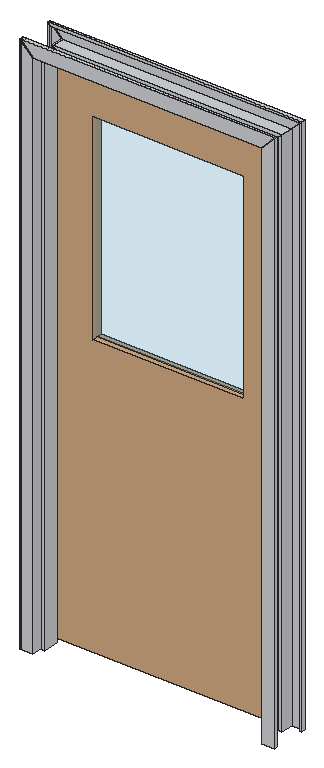
Revit family "Int-G-WDMF-36 x 84", category Doors, host Wall, Revit 2014
Parameters (values of type "Int-G-WDMF-36" x 84"")
  Width = Door Panel Width  # 3' - 0"
  Wall Thickness [instance] = 0' - 4 7/8"
  URL = ""
  Type Comments = ""
  Thickness = 0' - 1 3/4"
  Swing Angle [instance] = 90.00°
  SDI RO Spacing = 0' - 0"
  SDI Panel 1 Width = Leaf Width + 0' 0 3/16"  # 3' - 0"
  SDI No Panels = ""
  SDI HW Set [instance] = ""
  SDI HW Item LO-2 [instance] = ""
  SDI HW Item LO-1 [instance] = ""
  SDI HW Item KP-2 [instance] = ""
  SDI HW Item KP-1 [instance] = ""
  SDI HW Item HI-2 [instance] = ""
  SDI HW Item HI-1 [instance] = ""
  SDI HW Item HC-2 [instance] = ""
  SDI HW Item HC-1 [instance] = ""
  SDI HW Item ED-2 [instance] = ""
  SDI HW Item ED-1 [instance] = ""
  SDI HW Item DO-2 [instance] = ""
  SDI HW Item DO-1 [instance] = ""
  SDI HW Item CL-2 [instance] = ""
  SDI HW Item CL-1 [instance] = ""
  SDI Glass Material = Glass
  SDI Frame Type = "3 Piece"
  SDI Frame Material Type = "Hollow Metal"
  SDI Frame Material = Paint - Generic - Prime
  SDI Frame Manufacturer = ""
  SDI Frame Jamb Width = 0' - 2"
  SDI Frame Head Width = 0' - 2"
  SDI Frame Finish Type = "Painted"
  SDI Frame Finish Color = "Prime"
  SDI Frame Depth [instance] = 0' - 5 7/8"
  SDI Family Version = "1.0"
  SDI Door Top Rail Width = 0' - 7 3/4"
  SDI Door Stile Width = 0' - 6"
  SDI Door Panel Type = "G"
  SDI Door Material Type = "Wood"
  SDI Door Material = Stain - SRO - Red Oak 100 Clear
  SDI Door Manufacturer = ""
  SDI Door Glass Type = "1/4\" Tempered"
  SDI Door Finish Type = "SRO"
  SDI Door Finish Color = "Red Oak 100 Clear"
  SDI Door Configuration = "SG"
  SDI Door Bottom Rail Width = 3' - 8"
  SDI Arch Frame Type [instance] = ""
  SDI Arch Frame Material Type [instance] = "HM"
  SDI Arch Door Panel Type [instance] = "G"
  SDI Arch Door Material Type [instance] = "WD"
  Rough Width = Frame Width - 0' 1" + 2 * SDI RO Spacing  # 3' - 3"
  Rough Height = Frame Height - 0' 0 1/2" + SDI RO Spacing  # 7' - 1 1/2"
  R1 Height = 7' - 0"
  P1 Width = 3' - 2"
  Model = "Int-G-WDMF-36\" x 84\""
  Manufacturer = ""
  Leaf Width = P1 Width - 0' 2 3/16"  # 2' - 11 13/16"
  Height = Door Panel Height  # 7' - 0"
  Function = Interior
  Frame Width = P1 Width + 0' 2"  # 3' - 4"
  Frame Offset [instance] = 0' - 0"
  Frame Height = R1 Height + 0' 2"  # 7' - 2"
  Fire Rating = ""
  Exterior Glazing [instance] = no
  Door Panel Width = P1 Width - 0' 2"  # 3' - 0"
  Door Panel Height = R1 Height + 0' 2" - (0' 2")  # 7' - 0"
  Description = "Wood Door with Hollow Metal Frame"
  Cost = 0
  Assembly Code = "C1020320"
  Analytic Construction = "<None>"
  ADA Clearance Lines = no
Reference planes (in)
  plane 1: y = 0
  plane 2 "Center (Left/Right)": x = 0
  plane 3 "Wall Edge": y = 2.4375
  plane 4 "Wall Interior": y = -2.4375
  plane 5 "ModelRefLevel": z = 0
  plane 6 "FrameDepthPlane": y = 0
  plane 7 "FrameFront": y = 2.9375
  plane 8 "FrameBack": y = -2.9375
  plane 9 "V0": x = 19
  plane 10 "V1": x = -19
  plane 11 "H0": z = 1
  plane 12 "H1": z = 85
  plane 13 "DoorLeft": x = 18
  plane 14 "DoorRight": x = -18
  plane 15 "DoorCenter": x = 0
  plane 16 "DoorTop": z = 83.875
  plane 17 "DoorCenterTB": z = 41.9375
  plane 18 "DoorExtFace": y = 2.875
  plane 19 "DoorGlassFace": y = 2.125
  plane 20 "LockCenterLine": z = 41.3125
  plane 21 "DoorExtFace1": y = 2.125
  plane 22 "ActDoorLeft": x = 17.90625
  plane 23 "SwingClrPlane": y = 62.4375
  plane 24 "SwingPartialPlane": y = 50.4375
Forms (in)
  Extrusion 1, solid
    sketch origin (138.6875, 0, 43) x (-1, 0, 0) y (0, -1, 0)
      loop
        line (119.0625, -2.4375) -> (118.6875, -2.4375) -> (118.6875, -2.9375) -> (120.6875, -2.9375) -> (120.6875, -1) -> (121.3125, -1) -> (121.3125, 1.375) -> (120.6875, 1.375) -> (120.6875, 2.9375) -> (118.6875, 2.9375) -> (118.6875, 2.4375) -> (119.0625, 2.4375) -> (119.0625, 2.5) -> (118.75, 2.5) -> (118.75, 2.875) -> (120.625, 2.875) -> (120.625, 1.3125) -> (121.25, 1.3125) -> (121.25, -0.9375) -> (120.625, -0.9375) -> (120.625, -2.875) -> (118.75, -2.875) -> (118.75, -2.5) -> (119.0625, -2.5) -> (119.0625, -2.4375)
    from -43 to 43
  Extrusion 2, void
    sketch origin (0, 2.4375, 0) x (1, 0, 0) y (0, 0, 1)
      loop
        line (20, 86) -> (17.375, 86) -> (17.375, 83.375) -> (20, 86)
    from -12 to 12
  Extrusion 3, solid
    sketch origin (101.3125, 0, 43) x (-1, 0, 0) y (0, -1, 0)
      loop
        line (120.9375, -2.5) -> (121.25, -2.5) -> (121.25, -2.875) -> (119.375, -2.875) -> (119.375, -0.9375) -> (118.75, -0.9375) -> (118.75, 1.3125) -> (119.375, 1.3125) -> (119.375, 2.875) -> (121.25, 2.875) -> (121.25, 2.5) -> (120.9375, 2.5) -> (120.9375, 2.4375) -> (121.3125, 2.4375) -> (121.3125, 2.9375) -> (119.3125, 2.9375) -> (119.3125, 1.375) -> (118.6875, 1.375) -> (118.6875, -1) -> (119.3125, -1) -> (119.3125, -2.9375) -> (121.3125, -2.9375) -> (121.3125, -2.4375) -> (120.9375, -2.4375) -> (120.9375, -2.5)
    from -43 to 43
  Extrusion 4, void
    sketch origin (0, 2.4375, 0) x (1, 0, 0) y (0, 0, 1)
      loop
        line (-20, 86) -> (-17.375, 83.375) -> (-17.375, 86) -> (-20, 86)
    from -12 to 12
  Extrusion 5, solid
    sketch origin (0, 0, 84.6875) x (0, 1, 0) y (0, 0, 1)
      loop
        line (2.5, 0.9375) -> (2.5, 1.25) -> (2.875, 1.25) -> (2.875, -0.625) -> (0.9375, -0.625) -> (0.9375, -1.25) -> (-1.3125, -1.25) -> (-1.3125, -0.625) -> (-2.875, -0.625) -> (-2.875, 1.25) -> (-2.5, 1.25) -> (-2.5, 0.9375) -> (-2.4375, 0.9375) -> (-2.4375, 1.3125) -> (-2.9375, 1.3125) -> (-2.9375, -0.6875) -> (-1.375, -0.6875) -> (-1.375, -1.3125) -> (1, -1.3125) -> (1, -0.6875) -> (2.9375, -0.6875) -> (2.9375, 1.3125) -> (2.4375, 1.3125) -> (2.4375, 0.9375) -> (2.5, 0.9375)
    from -20 to 20
  Extrusion 6, void
    sketch origin (0, 2.4375, 0) x (1, 0, 0) y (0, 0, 1)
      loop
        line (-20, 86) -> (-20, 83.375) -> (-17.375, 83.375) -> (-20, 86)
    from -12 to 12
  Extrusion 7, void
    sketch origin (0, 2.4375, 0) x (1, 0, 0) y (0, 0, 1)
      loop
        line (20, 86) -> (17.375, 83.375) -> (20, 83.375) -> (20, 86)
    from -12 to 12
  Extrusion 8, solid, material "Stain - SRO - Red Oak 100 Clear" <- "SDI Door Material"
    sketch origin (-72, 2.875, -24) x (1, 0, 0) y (0, 0, 1)
      loop
        line (89.90625, 24.625) -> (89.90625, 107.875) -> (54.09375, 107.875) -> (54.09375, 24.625) -> (89.90625, 24.625)
      loop
        line (83.90625, 68.625) -> (83.90625, 100.125) -> (60.09375, 100.125) -> (60.09375, 68.625) -> (83.90625, 68.625)
    from 0 to 1.75
  Extrusion 9, solid, material "Glass" <- "SDI Glass Material"
    sketch origin (-72, 2.125, -24) x (1, 0, 0) y (0, 0, 1)
      loop
        line (60.09375, 68.625) -> (83.90625, 68.625) -> (83.90625, 100.125) -> (60.09375, 100.125) -> (60.09375, 68.625)
    from 0 to 0.25
Cuts and joins
  Extrusion 2 cuts Extrusion 1
  Extrusion 4 cuts Extrusion 3
  Extrusion 6, Extrusion 7 cuts Extrusion 5
Lines and regions (in)
  Opening 1
    outline origin (-60, -2.4375, 0) x (1, 0, 0) y (0, 0, 1)
      loop
        line (79.5, 0) -> (79.5, 85.5) -> (40.5, 85.5) -> (40.5, 0) -> (79.5, 0)
  symbolic lines, style "DoorsFrameMullionProjection", detail levels fine
    curve 1: line (19.625, 2.4375, 0) -> (20, 2.4375, 0)
    curve 2: line (20, 2.4375, 0) -> (20, 2.9375, 0)
    curve 3: line (20, 2.9375, 0) -> (18, 2.9375, 0)
    curve 4: line (18, 2.9375, 0) -> (18, 1, 0)
    curve 5: line (18, 1, 0) -> (17.375, 1, 0)
    curve 6: line (17.375, 1, 0) -> (17.375, -1.375, 0)
    curve 7: line (17.375, -1.375, 0) -> (18, -1.375, 0)
    curve 8: line (18, -1.375, 0) -> (18, -2.9375, 0)
    curve 9: line (18, -2.9375, 0) -> (20, -2.9375, 0)
    curve 10: line (20, -2.9375, 0) -> (20, -2.4375, 0)
    curve 11: line (20, -2.4375, 0) -> (19.625, -2.4375, 0)
    curve 12: line (19.625, -2.4375, 0) -> (19.625, -2.5, 0)
    curve 13: line (19.625, -2.5, 0) -> (19.9375, -2.5, 0)
    curve 14: line (19.9375, -2.5, 0) -> (19.9375, -2.875, 0)
    curve 15: line (19.9375, -2.875, 0) -> (18.0625, -2.875, 0)
    curve 16: line (18.0625, -2.875, 0) -> (18.0625, -1.3125, 0)
    curve 17: line (18.0625, -1.3125, 0) -> (17.4375, -1.3125, 0)
    curve 18: line (17.4375, -1.3125, 0) -> (17.4375, 0.9375, 0)
    curve 19: line (17.4375, 0.9375, 0) -> (18.0625, 0.9375, 0)
    curve 20: line (18.0625, 0.9375, 0) -> (18.0625, 2.875, 0)
    curve 21: line (18.0625, 2.875, 0) -> (19.9375, 2.875, 0)
    curve 22: line (19.9375, 2.875, 0) -> (19.9375, 2.5, 0)
    curve 23: line (19.9375, 2.5, 0) -> (19.625, 2.5, 0)
    curve 24: line (19.625, 2.5, 0) -> (19.625, 2.4375, 0)
    curve 37: line (-19.625, 2.5, 0) -> (-19.9375, 2.5, 0)
    curve 38: line (-19.9375, 2.5, 0) -> (-19.9375, 2.875, 0)
    curve 39: line (-19.9375, 2.875, 0) -> (-18.0625, 2.875, 0)
    curve 40: line (-18.0625, 2.875, 0) -> (-18.0625, 0.9375, 0)
    curve 41: line (-18.0625, 0.9375, 0) -> (-17.4375, 0.9375, 0)
    curve 42: line (-17.4375, 0.9375, 0) -> (-17.4375, -1.3125, 0)
    curve 43: line (-17.4375, -1.3125, 0) -> (-18.0625, -1.3125, 0)
    curve 44: line (-18.0625, -1.3125, 0) -> (-18.0625, -2.875, 0)
    curve 45: line (-18.0625, -2.875, 0) -> (-19.9375, -2.875, 0)
    curve 46: line (-19.9375, -2.875, 0) -> (-19.9375, -2.5, 0)
    curve 47: line (-19.9375, -2.5, 0) -> (-19.625, -2.5, 0)
    curve 48: line (-19.625, -2.5, 0) -> (-19.625, -2.4375, 0)
    curve 49: line (-19.625, -2.4375, 0) -> (-20, -2.4375, 0)
    curve 50: line (-20, -2.4375, 0) -> (-20, -2.9375, 0)
    curve 51: line (-20, -2.9375, 0) -> (-18, -2.9375, 0)
    curve 52: line (-18, -2.9375, 0) -> (-18, -1.375, 0)
    curve 53: line (-18, -1.375, 0) -> (-17.375, -1.375, 0)
    curve 54: line (-17.375, -1.375, 0) -> (-17.375, 1, 0)
    curve 55: line (-17.375, 1, 0) -> (-18, 1, 0)
    curve 56: line (-18, 1, 0) -> (-18, 2.9375, 0)
    curve 57: line (-18, 2.9375, 0) -> (-20, 2.9375, 0)
    curve 58: line (-20, 2.9375, 0) -> (-20, 2.4375, 0)
    curve 59: line (-20, 2.4375, 0) -> (-19.625, 2.4375, 0)
    curve 60: line (-19.625, 2.4375, 0) -> (-19.625, 2.5, 0)
  symbolic lines, style "DoorsFrameMullionProjection", detail levels coarse
    curve 25: line (18, -2.9375, 0) -> (19.5, -2.9375, 0)
    curve 26: line (18, 2.9375, 0) -> (19.5, 2.9375, 0)
    curve 27: line (18, -2.9375, 0) -> (18, 2.9375, 0)
    curve 28: line (19.5, -2.9375, 0) -> (19.5, 2.9375, 0)
    curve 61: line (-19.5, -2.9375, 0) -> (-18, -2.9375, 0)
    curve 62: line (-19.5, 2.9375, 0) -> (-18, 2.9375, 0)
    curve 63: line (-19.5, -2.9375, 0) -> (-19.5, 2.9375, 0)
    curve 64: line (-18, -2.9375, 0) -> (-18, 2.9375, 0)
  symbolic lines, style "DoorsFrameMullionProjection", detail levels medium
    curve 29: line (18, -2.9375, 0) -> (20, -2.9375, 0)
    curve 30: line (20, -2.9375, 0) -> (20, -2.4375, 0)
    curve 31: line (19.5, -2.4375, 0) -> (20, -2.4375, 0)
    curve 32: line (19.5, -2.4375, 0) -> (19.5, 2.4375, 0)
    curve 33: line (19.5, 2.4375, 0) -> (20, 2.4375, 0)
    curve 34: line (20, 2.9375, 0) -> (20, 2.4375, 0)
    curve 35: line (18, 2.9375, 0) -> (20, 2.9375, 0)
    curve 36: line (18, -2.9375, 0) -> (18, 2.9375, 0)
    curve 65: line (-20, -2.9375, 0) -> (-18, -2.9375, 0)
    curve 66: line (-20, -2.9375, 0) -> (-20, -2.4375, 0)
    curve 67: line (-20, -2.4375, 0) -> (-19.5, -2.4375, 0)
    curve 68: line (-19.5, -2.4375, 0) -> (-19.5, 2.4375, 0)
    curve 69: line (-20, 2.4375, 0) -> (-19.5, 2.4375, 0)
    curve 70: line (-20, 2.9375, 0) -> (-20, 2.4375, 0)
    curve 71: line (-20, 2.9375, 0) -> (-18, 2.9375, 0)
    curve 72: line (-18, -2.9375, 0) -> (-18, 2.9375, 0)
  symbolic lines, style "Elevation Swing"
    curve 73: line (-17.90625, 2.4375, 83.875) -> (17.90625, 2.4375, 41.9375)
    curve 74: line (-17.90625, 2.4375, 0) -> (17.90625, 2.4375, 41.9375)
  symbolic lines, style "ADA Clearance", visible <- "ADA Clearance Lines"
    curve 75: line (20, 2.4375, 0) -> (20, 62.4375, 0)
    curve 76: line (-36, 62.4375, 0) -> (20, 62.4375, 0)
    curve 77: line (-36, 50.4375, 0) -> (20, 50.4375, 0)
    curve 78: line (-36, 2.4375, 0) -> (-36, 62.4375, 0)
    curve 79: line (20, -2.4375, 0) -> (20, -50.4375, 0)
    curve 80: line (-30, -50.4375, 0) -> (20, -50.4375, 0)
    curve 81: line (-30, -2.4375, 0) -> (-30, -50.4375, 0)
Text (in)
  text "Placement Side" at (0, 40.15149, 123.01588), in view "Right"
  text "Placement Side" at (-70.3804, 28.46503, 0), in view "Ref. Level"
  text "Placement Side" at (0, 81.62555, 140.59947), in view "Left"
Dimensions and locks (in)
  locked: plane 3 "Wall Edge" to host wall
  equal spacing: host wall, plane 2 "Center (Left/Right)", host wall
  "Rough Width": host wall to host wall
  "Rough Height": level to host wall
  equal spacing: plane 3 "Wall Edge", plane 1, plane 4 "Wall Interior"
  "Wall Thickness": host wall to host wall
  locked: plane 3 "Wall Edge" to plane 7 "FrameFront" at 0.5
  locked: plane 4 "Wall Interior" to plane 8 "FrameBack" at 0.5
  "SDI Frame Depth": plane 7 "FrameFront" to plane 8 "FrameBack"
  equal spacing: plane 9 "V0", plane 2 "Center (Left/Right)", plane 10 "V1"
  "P1 Width": plane 9 "V0" to plane 10 "V1"
  "R1 Height": plane 11 "H0" to plane 12 "H1"
  locked: plane 12 "H1" to Extrusion 1 at 1
  locked: plane 11 "H0" to Extrusion 1 at 1
  locked: plane 9 "V0" to Extrusion 1 at 0.9375  (x4)
  locked: plane 9 "V0" to Extrusion 1 at 1.5625
  locked: plane 9 "V0" to Extrusion 1 at 1  (x4)
  locked: plane 9 "V0" to Extrusion 1 at 0.625  (x3)
  locked: plane 9 "V0" to Extrusion 1 at 1.625
  locked: plane 12 "H1" to Extrusion 3 at 1
  locked: plane 11 "H0" to Extrusion 3 at 1
  locked: plane 10 "V1" to Extrusion 3 at 0.625  (x2)
  locked: plane 10 "V1" to Extrusion 3 at 1  (x5)
  locked: plane 10 "V1" to Extrusion 3 at 1.625
  locked: plane 10 "V1" to Extrusion 3 at 0.9375  (x4)
  locked: plane 10 "V1" to Extrusion 3 at 1.5625
  locked: plane 9 "V0" to Extrusion 5 at 1
  locked: plane 10 "V1" to Extrusion 5 at 1
  locked: plane 12 "H1" to Extrusion 5 at 0.9375  (x5)
  locked: plane 12 "H1" to Extrusion 5 at 1.5625
  locked: plane 12 "H1" to Extrusion 5 at 1  (x4)
  locked: plane 12 "H1" to Extrusion 5 at 0.625  (x2)
  locked: plane 12 "H1" to Extrusion 5 at 1.625
  locked: plane 7 "FrameFront" to cut or joined group of Extrusion 1, Extrusion 2 at 1.9375
  locked: plane 7 "FrameFront" to cut or joined group of Extrusion 1, Extrusion 2 at 2
  locked: plane 7 "FrameFront" to cut or joined group of Extrusion 1, Extrusion 2 at 0.0625
  locked: plane 7 "FrameFront" to cut or joined group of Extrusion 1, Extrusion 2 at 0.4375
  locked: plane 7 "FrameFront" to cut or joined group of Extrusion 1, Extrusion 2 at 0.5
  locked: plane 8 "FrameBack" to cut or joined group of Extrusion 1, Extrusion 2 at 1.5625
  locked: plane 8 "FrameBack" to cut or joined group of Extrusion 1, Extrusion 2 at 0.5
  locked: plane 8 "FrameBack" to cut or joined group of Extrusion 1, Extrusion 2 at 0.4375
  locked: plane 8 "FrameBack" to cut or joined group of Extrusion 1, Extrusion 2 at 0.0625
  locked: plane 8 "FrameBack" to cut or joined group of Extrusion 1, Extrusion 2 at 1.625
  locked: plane 7 "FrameFront" to cut or joined group of Extrusion 3, Extrusion 4 at 0.0625
  locked: plane 7 "FrameFront" to cut or joined group of Extrusion 3, Extrusion 4 at 2
  locked: plane 7 "FrameFront" to cut or joined group of Extrusion 3, Extrusion 4 at 1.9375
  locked: plane 7 "FrameFront" to cut or joined group of Extrusion 3, Extrusion 4 at 0.5
  locked: plane 7 "FrameFront" to cut or joined group of Extrusion 3, Extrusion 4 at 0.4375
  locked: plane 8 "FrameBack" to cut or joined group of Extrusion 3, Extrusion 4 at 1.625
  locked: plane 8 "FrameBack" to cut or joined group of Extrusion 3, Extrusion 4 at 0.0625
  locked: plane 8 "FrameBack" to cut or joined group of Extrusion 3, Extrusion 4 at 0.4375
  locked: plane 8 "FrameBack" to cut or joined group of Extrusion 3, Extrusion 4 at 0.5
  locked: plane 8 "FrameBack" to cut or joined group of Extrusion 3, Extrusion 4 at 1.5625
  locked: plane 7 "FrameFront" to cut or joined group of Extrusion 5, Extrusion 6, Extrusion 7 at 0.0625
  locked: plane 7 "FrameFront" to cut or joined group of Extrusion 5, Extrusion 6, Extrusion 7 at 2
  locked: plane 7 "FrameFront" to cut or joined group of Extrusion 5, Extrusion 6, Extrusion 7 at 1.9375
  locked: plane 7 "FrameFront" to cut or joined group of Extrusion 5, Extrusion 6, Extrusion 7 at 0.5
  locked: plane 7 "FrameFront" to cut or joined group of Extrusion 5, Extrusion 6, Extrusion 7 at 0.4375
  locked: plane 8 "FrameBack" to cut or joined group of Extrusion 5, Extrusion 6, Extrusion 7 at 1.625
  locked: plane 8 "FrameBack" to cut or joined group of Extrusion 5, Extrusion 6, Extrusion 7 at 0.0625
  locked: plane 8 "FrameBack" to cut or joined group of Extrusion 5, Extrusion 6, Extrusion 7 at 0.4375
  locked: plane 8 "FrameBack" to cut or joined group of Extrusion 5, Extrusion 6, Extrusion 7 at 0.5
  locked: plane 8 "FrameBack" to cut or joined group of Extrusion 5, Extrusion 6, Extrusion 7 at 1.5625
  locked: plane 7 "FrameFront" to curve 1 at 0.5
  locked: plane 7 "FrameFront" to curve 5 at 1.9375
  locked: plane 7 "FrameFront" to curve 19 at 2
  locked: plane 7 "FrameFront" to curve 21 at 0.0625
  locked: plane 7 "FrameFront" to curve 23 at 0.4375
  locked: plane 7 "FrameFront" to curve 33 at 0.5
  locked: plane 7 "FrameFront" to curve 37 at 0.4375
  locked: plane 7 "FrameFront" to curve 39 at 0.0625
  locked: plane 7 "FrameFront" to curve 41 at 2
  locked: plane 7 "FrameFront" to curve 55 at 1.9375
  locked: plane 7 "FrameFront" to curve 59 at 0.5
  locked: plane 7 "FrameFront" to curve 69 at 0.5
  locked: plane 8 "FrameBack" to curve 7 at 1.5625
  locked: plane 8 "FrameBack" to curve 11 at 0.5
  locked: plane 8 "FrameBack" to curve 13 at 0.4375
  locked: plane 8 "FrameBack" to curve 15 at 0.0625
  locked: plane 8 "FrameBack" to curve 17 at 1.625
  locked: plane 8 "FrameBack" to curve 31 at 0.5
  locked: plane 8 "FrameBack" to curve 43 at 1.625
  locked: plane 8 "FrameBack" to curve 45 at 0.0625
  locked: plane 8 "FrameBack" to curve 47 at 0.4375
  locked: plane 8 "FrameBack" to curve 49 at 0.5
  locked: plane 8 "FrameBack" to curve 53 at 1.5625
  locked: plane 8 "FrameBack" to curve 67 at 0.5
  locked: plane 9 "V0" to plane 13 "DoorLeft" at 1
  locked: plane 10 "V1" to plane 14 "DoorRight" at 1
  locked: plane 12 "H1" to plane 16 "DoorTop" at 1.125
  equal spacing: plane 16 "DoorTop", plane 17 "DoorCenterTB", plane 5 "ModelRefLevel"
  locked: plane 3 "Wall Edge" to plane 18 "DoorExtFace" at 0.4375
  locked: plane 3 "Wall Edge" to plane 19 "DoorGlassFace" at 0.3125
  locked: plane 20 "LockCenterLine" to plane 5 "ModelRefLevel" at 41.3125
  locked: Extrusion 8 to Extrusion 8 at 1.75
  locked: plane 7 "FrameFront" to plane 21 "DoorExtFace1" at 0.8125
  locked: Extrusion 9 to Extrusion 9 at 0.25
  locked: plane 13 "DoorLeft" to Extrusion 8 at 0.09375
  locked: plane 14 "DoorRight" to Extrusion 8 at 6.09375
  locked: plane 14 "DoorRight" to Extrusion 8 at 0.09375
  locked: plane 13 "DoorLeft" to Extrusion 8 at 6.09375
  locked: plane 16 "DoorTop" to Extrusion 8 at 0
  locked: plane 20 "LockCenterLine" to Extrusion 8 at 3.3125
  locked: plane 5 "ModelRefLevel" to Extrusion 8 at 0.625
  locked: plane 16 "DoorTop" to Extrusion 8 at 7.75
  locked: plane 13 "DoorLeft" to Extrusion 9 at 6.09375
  locked: plane 14 "DoorRight" to Extrusion 9 at 6.09375
  locked: plane 16 "DoorTop" to Extrusion 9 at 7.75
  locked: plane 20 "LockCenterLine" to Extrusion 9 at 3.3125
  locked: plane 13 "DoorLeft" to plane 22 "ActDoorLeft" at 0.09375
  locked: plane 3 "Wall Edge" to plane 23 "SwingClrPlane" at 60
  locked: plane 3 "Wall Edge" to plane 24 "SwingPartialPlane" at 48
  aligned and locked: plane 4 "Wall Interior" to host wall
  aligned and locked: cut or joined group of Extrusion 1, Extrusion 2 to plane 7 "FrameFront"
  aligned and locked: plane 8 "FrameBack" to cut or joined group of Extrusion 1, Extrusion 2
  aligned and locked: cut or joined group of Extrusion 3, Extrusion 4 to plane 7 "FrameFront"
  aligned and locked: plane 8 "FrameBack" to cut or joined group of Extrusion 3, Extrusion 4
  aligned and locked: cut or joined group of Extrusion 5, Extrusion 6, Extrusion 7 to plane 7 "FrameFront"
  aligned and locked: plane 8 "FrameBack" to cut or joined group of Extrusion 5, Extrusion 6, Extrusion 7
  aligned and locked: curve 3 to plane 7 "FrameFront"
  aligned and locked: plane 7 "FrameFront" to curve 26
  aligned and locked: curve 57 to plane 7 "FrameFront"
  aligned and locked: plane 7 "FrameFront" to curve 62
  aligned and locked: plane 7 "FrameFront" to curve 71
  aligned and locked: plane 8 "FrameBack" to curve 9
  aligned and locked: plane 8 "FrameBack" to curve 61
  aligned and locked: plane 8 "FrameBack" to curve 65
  aligned and locked: Extrusion 8 to plane 18 "DoorExtFace"
  aligned and locked: Extrusion 9 to plane 21 "DoorExtFace1"
  aligned and locked: plane 7 "FrameFront" to nested 1
  aligned and locked: plane 22 "ActDoorLeft" to nested 1
  aligned and locked: plane 23 "SwingClrPlane" to curve 76
  aligned and locked: plane 24 "SwingPartialPlane" to curve 77
Automatic sketch dimensions
  Opening 1 sketch curve to level = 0' - 0"
  Opening 1 sketch curve to plane 2 "Center (Left/Right)" = 1' - 7 1/2"
  plane 2 "Center (Left/Right)" to Opening 1 sketch curve = 1' - 7 1/2"
  level to Opening 1 sketch curve = 7' - 1 1/2"
  Extrusion 2 sketch curve to plane 9 "V0" = 0' - 1 5/8"
  plane 9 "V0" to Extrusion 2 sketch curve = 0' - 1"
  plane 12 "H1" to Extrusion 2 sketch curve = 0' - 1 5/8"
  Extrusion 2 sketch curve to plane 12 "H1" = 0' - 1"
  host wall to Extrusion 1 sketch curve = 0' - 0"
  Extrusion 1 sketch curve to host wall = 0' - 0"
  plane 7 "FrameFront" to Extrusion 1 sketch curve = 0' - 0"
  plane 8 "FrameBack" to Extrusion 1 sketch curve = 0' - 0"
  plane 2 "Center (Left/Right)" to Extrusion 1 sketch curve = 1' - 8"  (x2)
  Extrusion 1 sketch curve to Extrusion 1 sketch curve = 0' - 0 1/16"  (x7)
  host wall to Extrusion 1 sketch curve = 0' - 0 1/16"  (x2)
  Extrusion 1 sketch curve to Extrusion 1 sketch curve = 0' - 0 5/16"  (x2)
  plane 2 "Center (Left/Right)" to Extrusion 1 sketch curve = 1' - 6 1/16"  (x2)
  Extrusion 1 sketch curve to Extrusion 1 sketch curve = 0' - 0 9/16"
  plane 7 "FrameFront" to Extrusion 1 sketch curve = 0' - 0 1/16"
  Extrusion 1 sketch curve to host wall = 0' - 1"
  Extrusion 1 sketch curve to host wall = 0' - 1 1/8"
  Extrusion 1 sketch curve to plane 8 "FrameBack" = 0' - 0 1/16"
  plane 9 "V0" to curve 1 = 0' - 1"
  curve 1 to curve 1 = 0' - 0 3/8"
  curve 3 to plane 9 "V0" = 0' - 1"
  curve 4 to curve 5 = 0' - 0 5/8"
  curve 10 to curve 11 = 0' - 0 3/8"
  curve 10 to curve 13 = 0' - 0 1/16"
  curve 15 to curve 8 = 0' - 0 1/16"
  curve 17 to curve 6 = 0' - 0 1/16"
  curve 19 to curve 4 = 0' - 0 1/16"
  curve 2 to curve 21 = 0' - 0 1/16"
  curve 21 to curve 26 = 0' - 0 7/16"
  curve 11 to curve 31 = 0' - 0 1/8"
  curve 1 to curve 32 = 0' - 0 1/8"
  Extrusion 4 sketch curve to plane 10 "V1" = 0' - 1"
  plane 10 "V1" to Extrusion 4 sketch curve = 0' - 1 5/8"
  plane 12 "H1" to Extrusion 4 sketch curve = 0' - 1 5/8"
  Extrusion 4 sketch curve to plane 12 "H1" = 0' - 1"
  plane 8 "FrameBack" to Extrusion 3 sketch curve = 0' - 0"
  plane 7 "FrameFront" to Extrusion 3 sketch curve = 0' - 0"
  host wall to Extrusion 3 sketch curve = 0' - 0"
  Extrusion 3 sketch curve to host wall = 0' - 0"
  Extrusion 3 sketch curve to plane 2 "Center (Left/Right)" = 1' - 5 3/8"
  Extrusion 3 sketch curve to Extrusion 3 sketch curve = 0' - 0 1/16"  (x7)
  Extrusion 3 sketch curve to plane 2 "Center (Left/Right)" = 1' - 6"  (x2)
  Extrusion 3 sketch curve to plane 2 "Center (Left/Right)" = 1' - 7 5/8"  (x2)
  host wall to Extrusion 3 sketch curve = 0' - 0 1/16"  (x2)
  Extrusion 3 sketch curve to Extrusion 3 sketch curve = 0' - 0 5/16"  (x2)
  plane 7 "FrameFront" to Extrusion 3 sketch curve = 0' - 0 1/16"
  Extrusion 3 sketch curve to host wall = 0' - 1"
  Extrusion 3 sketch curve to host wall = 0' - 1 1/8"
  Extrusion 3 sketch curve to plane 8 "FrameBack" = 0' - 0 1/16"
  curve 37 to plane 10 "V1" = 0' - 0 5/8"
  curve 37 to curve 37 = 0' - 0 5/16"
  plane 10 "V1" to curve 39 = 0' - 0 15/16"
  curve 42 to curve 43 = 0' - 0 5/8"
  curve 47 to curve 46 = 0' - 0 5/16"
  curve 46 to curve 49 = 0' - 0 1/16"
  curve 51 to curve 44 = 0' - 0 1/16"
  curve 53 to curve 42 = 0' - 0 1/16"
  curve 55 to curve 40 = 0' - 0 1/16"
  curve 38 to curve 57 = 0' - 0 1/16"
  curve 62 to curve 38 = 0' - 0 7/16"
  curve 67 to curve 48 = 0' - 0 1/8"
  curve 68 to curve 59 = 0' - 0 1/8"
  Extrusion 6 sketch curve to plane 10 "V1" = 0' - 1"
  plane 10 "V1" to Extrusion 6 sketch curve = 0' - 1 5/8"
  plane 12 "H1" to Extrusion 6 sketch curve = 0' - 1 5/8"
  Extrusion 6 sketch curve to plane 12 "H1" = 0' - 1"
  Extrusion 7 sketch curve to plane 9 "V0" = 0' - 1 5/8"
  plane 9 "V0" to Extrusion 7 sketch curve = 0' - 1"
  plane 12 "H1" to Extrusion 7 sketch curve = 0' - 1 5/8"
  Extrusion 7 sketch curve to plane 12 "H1" = 0' - 1"
  Extrusion 5 sketch curve to plane 8 "FrameBack" = 0' - 0"
  Extrusion 5 sketch curve to host wall = 0' - 0"  (x2)
  Extrusion 5 sketch curve to plane 7 "FrameFront" = 0' - 0"
  Extrusion 5 sketch curve to plane 8 "FrameBack" = 0' - 0 1/16"
  host wall to Extrusion 5 sketch curve = 0' - 0 1/16"  (x2)
  Extrusion 5 sketch curve to host wall = 0' - 1 1/16"
  Extrusion 5 sketch curve to Extrusion 5 sketch curve = 0' - 0 1/16"  (x7)
  Extrusion 5 sketch curve to host wall = 0' - 0 15/16"
  plane 7 "FrameFront" to Extrusion 5 sketch curve = 0' - 0 1/16"
  level to Extrusion 5 sketch curve = 6' - 11 3/8"
  level to Extrusion 5 sketch curve = 7' - 0"  (x2)
  Extrusion 5 sketch curve to plane 11 "H0" = 7' - 0 5/8"  (x2)
  Extrusion 5 sketch curve to plane 11 "H0" = 7' - 0 15/16"  (x2)
  Extrusion 8 sketch curve to plane 16 "DoorTop" = 0' - 0"
  plane 14 "DoorRight" to Extrusion 8 sketch curve = 0' - 0 3/32"
  plane 14 "DoorRight" to Extrusion 8 sketch curve = 0' - 6 3/32"
  Extrusion 8 sketch curve to plane 13 "DoorLeft" = 0' - 6 3/32"
  Extrusion 8 sketch curve to plane 13 "DoorLeft" = 0' - 0 3/32"
  plane 16 "DoorTop" to Extrusion 8 sketch curve = 0' - 7 3/4"
  Extrusion 8 sketch curve to plane 17 "DoorCenterTB" = 0' - 2 11/16"
  plane 11 "H0" to Extrusion 8 sketch curve = 0' - 0 3/8"
  Extrusion 9 sketch curve to plane 17 "DoorCenterTB" = 0' - 2 11/16"
  plane 14 "DoorRight" to Extrusion 9 sketch curve = 0' - 6 3/32"
  Extrusion 9 sketch curve to plane 13 "DoorLeft" = 0' - 6 3/32"
  plane 16 "DoorTop" to Extrusion 9 sketch curve = 0' - 7 3/4"
  curve 73 to plane 16 "DoorTop" = 0' - 0"
  curve 73 to plane 17 "DoorCenterTB" = 0' - 0"
  plane 14 "DoorRight" to curve 73 = 0' - 0 3/32"
  curve 74 to level = 0' - 0"
  curve 74 to plane 22 "ActDoorLeft" = 0' - 0"
  plane 14 "DoorRight" to curve 74 = 0' - 0 3/32"
  curve 75 to host wall = 0' - 0"
  plane 9 "V0" to curve 75 = 0' - 1"
  curve 78 to host wall = 0' - 0"
  host wall to curve 79 = 0' - 0"
  plane 9 "V0" to curve 79 = 0' - 1"
  plane 8 "FrameBack" to curve 79 = 3' - 11 1/2"
  curve 80 to plane 10 "V1" = 0' - 11"
  host wall to curve 81 = 0' - 0"
  curve 81 to curve 78 = 0' - 6"
Nested families (in)
  nested 1: "SingleDoorPlanLines" at (17.90625, 2.9375, 0.625), type "SingleDoorPlanLines"
Definition of nested family "SingleDoorPlanLines"
  Parameters (values of type "SingleDoorPlanLines")
    Width = 3' - 0"
    URL = ""
    Thickness = 0' - 1 3/4"
    Analytic Construction = "<None>"
    Swing Angle = 90.00°
  Reference planes (in)
    plane 1 "Front": y = 0
    plane 2: z = 0
    plane 3 "Right": x = 0
    plane 4 "Left": x = -36
  Lines and regions (in)
    symbolic lines, style "DoorsPanelProjection"
      curve 1: line (0, 0, 0) -> (0, 36, 0)
      curve 2: line (0, 36, 0) -> (-1.75, 36, 0)
      curve 3: line (-1.75, 36, 0) -> (-1.75, 0, 0)
      curve 4: line (-1.75, 0, 0) -> (0, 0, 0)
    model lines, style "InvisibleLines", not visible
      curve 5: line (0, 0, 0) -> (-38.99851, -0.34033, 0)
    symbolic lines, style "Plan Swing"
      curve 6: arc (-35.99863, -0.31416, 0) -> (-25.56667, 25.34453, 0) -> (0, 36, 0) r 36
  Dimensions and locks (in)
    "Thickness": curve 3 to curve 1
    "Width": curve 2 to curve 4
    "Width": plane 4 "Left" to plane 3 "Right"
    "Swing Angle": angle curve 1 to plane 1 "Front"
    locked: plane 1 "Front" to curve 5 (angle 0.50°)
  Automatic sketch dimensions
    curve 6 to plane 1 "Front" = 0' - 0"
    curve 6 to plane 3 "Right" = 0' - 0"
    curve 4 to plane 1 "Front" = 0' - 0"
    curve 4 to plane 3 "Right" = 0' - 0"
